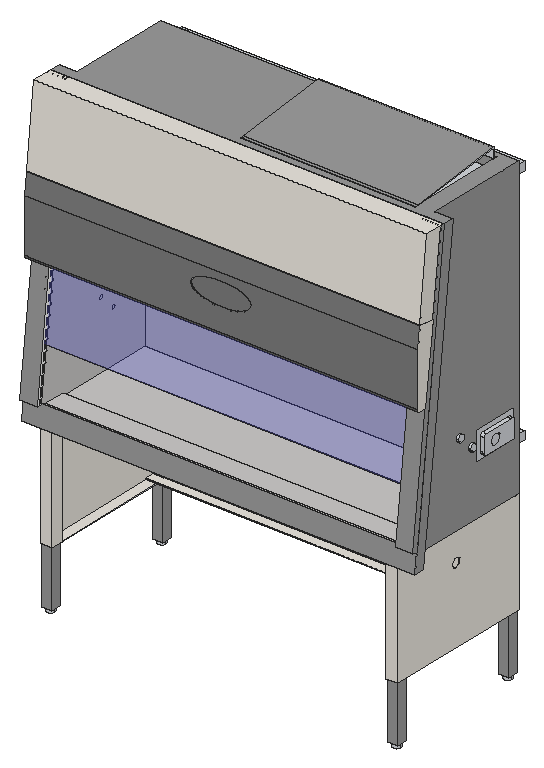
Revit family "NU-540 LabGard Class II Type A2 Laminar Flow Biosafety Cabinet with Fixed Rear Seismic Brackets-", category Mechanical Equipment, Revit 2020
Family settings
  Round Connector Dimension = Use Diameter
  Part Type = Normal
  OmniClass Number = 23.75.00.00
  OmniClass Title = Climate Control (HVAC)
  Work Plane-Based = No
  Always vertical = Yes
  Cut with Voids When Loaded = No
  Shared = No
  Room Calculation Point = No
Parameters (values of type "NU-540-600")
  window width = 5' - 11 7/8"
  crossbar = 5' - 10.1415"
  Workzone Width = 5' - 10 3/8"
  Unistrut Length = 5' - 7 9/16"
  Overall Width = 6' - 5 9/16"
  Exhaust Filter Width = 2' - 10 1/2"
  Default Elevation = 0' - 0"
  Cabinet Width = 5' - 10 9/16"
  Bracket Spacing = 5' - 3 5/16"
Types (5): name | window width | crossbar | Workzone Width | Unistrut Length | Overall Width | Exhaust Filter Width | Cabinet Width | Bracket Spacing
  (no name) | 5' - 11 7/8" | 5' - 10.1415" | 5' - 10 3/8" | 5' - 7 9/16" | 6' - 5 9/16" | 2' - 10 1/2" | 5' - 10 9/16" | 5' - 3 5/16"
  NU-540-600 | 5' - 11 7/8" | 5' - 10.1415" | 5' - 10 3/8" | 5' - 7 9/16" | 6' - 5 9/16" | 2' - 10 1/2" | 5' - 10 9/16" | 5' - 3 5/16"
  NU-540-500 | 4' - 11 7/8" | 4' - 10 9/64" | 4' - 10 3/8" | 4' - 8 11/16" | 5' - 5 9/16" | 2' - 4 1/2" | 4' - 10 9/16" | 4' - 3 5/16"
  NU-540-400 | 3' - 11 3/8" | 3' - 10 9/64" | 3' - 10 3/8" | 3' - 8 11/16" | 4' - 5 9/16" | 1' - 8 1/2" | 3' - 10 9/16" | 3' - 3 5/16"
  NU-540-300 | 2' - 11 7/8" | 2' - 10 9/64" | 2' - 10 3/8" | 2' - 8 11/16" | 3' - 5 9/16" | 1' - 0 1/2" | 2' - 10 9/16" | 2' - 3 5/16"
Reference planes (in)
  plane 1 "Center (Front/Back)": y = 0
  plane 2: z = 0
  plane 3 "Center (Left/Right)": x = 0
Dimensions and locks (in)
  locked: nested 1 to nested 2 at 6.78125
  locked: nested 2 to nested 3 at 47.625
  aligned and locked: level to plane 2
  aligned and locked: plane 3 "Center (Left/Right)" to nested 1
  aligned and locked: plane 1 "Center (Front/Back)" to nested 1
  aligned and locked: nested 1 to level
  aligned and locked: plane 3 "Center (Left/Right)" to nested 2
  aligned and locked: plane 3 "Center (Left/Right)" to nested 3
  aligned and locked: plane 1 "Center (Front/Back)" to nested 2
  aligned and locked: plane 1 "Center (Front/Back)" to nested 3
Nested families (in)
  nested 1: "NU-540 LabGard Class II Type A2 Laminar Flow Biosafety Cabinet" at (0, 0, 0), Cabinet Width <- "Cabinet Width", Exhaust Filter Width <- "Exhaust Filter Width", Overall Width <- "Overall Width", Workzone Width <- "Workzone Width", crossbar <- "crossbar", window width <- "window width", type "NU-540-600"
    with window width 5' - 11 7/8", crossbar 5' - 10.1415", Workzone Width 5' - 10 3/8", Overall Width 6' - 5 9/16", Exhaust Filter Width 2' - 10 1/2", Cabinet Width 5' - 10 9/16"
  nested 2: "Seismic Brackets Fixed Height Fixed Depth" at (0, 0, 39.28125), Bracket Spacing <- "Bracket Spacing", Unistrut Length <- "Unistrut Length", type "Brackets"
    with Unistrut Length 5' - 7 9/16", Bracket Spacing 5' - 3 5/16"
  nested 3: "Seismic Brackets Fixed Height Fixed Depth" at (0, 0, 86.90625), Bracket Spacing <- "Bracket Spacing", Unistrut Length <- "Unistrut Length", type "Brackets"
    with Unistrut Length 5' - 7 9/16", Bracket Spacing 5' - 3 5/16"
Connectors (in)
  electrical at (-36.96723, -27.54287, 34.26514)
    settings: on nested 1, index 1, voltage 115 V, apparent load 0 VA, apparent load phase1 0 VA, apparent load phase2 0 VA, apparent load phase3 0 VA, power factor 1, load classification "Power", number of poles 2, system type 31, power factor state 1, is connector primary yes, connector utility yes, sub classification motor no, connector description ""
  piping at (35.9375, -11.846, 45.958), diameter 0.875
    settings: on nested 1, index 2, connector inside diameter 24", connector length 0' - 0", flow factor 0, pipe flow 0 GPM, pressure drop 0.00 psi, fitting loss kfactor 0, connector angle 0.00°, fixture units 0, engagement length 0' - 0", angle of deflection 0.00°, flow configuration 0, flow direction 0, fitting loss method 0, system type 28, joint type 0, gender type 0, connector reference index -1, connector utility 0, adjustable connector no, is connector primary yes, connector description ""
  piping at (35.9375, -14.846, 48.954), diameter 0.875
    settings: on nested 1, index 3, connector inside diameter 24", connector length 0' - 0", flow factor 0, pipe flow 0 GPM, pressure drop 0.00 psi, fitting loss kfactor 0, connector angle 0.00°, fixture units 0, engagement length 0' - 0", angle of deflection 0.00°, flow configuration 0, flow direction 0, fitting loss method 0, system type 28, joint type 0, gender type 0, connector reference index -1, connector utility 0, adjustable connector no, is connector primary no, connector description ""
  piping at (-35.9375, -14.84766, 48.954), diameter 0.875
    settings: on nested 1, index 4, connector inside diameter 24", connector length 0' - 0", flow factor 0, pipe flow 0 GPM, pressure drop 0.00 psi, fitting loss kfactor 0, connector angle 0.00°, fixture units 0, engagement length 0' - 0", angle of deflection 0.00°, flow configuration 0, flow direction 0, fitting loss method 0, system type 28, joint type 0, gender type 0, connector reference index -1, connector utility 0, adjustable connector no, is connector primary no, connector description ""
  piping at (-35.9375, -11.846, 45.95312), diameter 0.875
    settings: on nested 1, index 5, connector inside diameter 24", connector length 0' - 0", flow factor 0, pipe flow 0 GPM, pressure drop 0.00 psi, fitting loss kfactor 0, connector angle 0.00°, fixture units 0, engagement length 0' - 0", angle of deflection 0.00°, flow configuration 0, flow direction 0, fitting loss method 0, system type 28, joint type 0, gender type 0, connector reference index -1, connector utility 0, adjustable connector no, is connector primary no, connector description ""
Definition of nested family "NU-540 LabGard Class II Type A2 Laminar Flow Biosafety Cabinet"
  Parameters (values of type "NU-540-600")
    window width [instance] = 5' - 11 7/8"
    transition width = 2' - 11 3/8"
    transition depth = 1' - 7 1/8"
    exhaust ring inner = 0' - 4 15/16"
    exhaust door width = 2' - 7 3/16"
    crossbar [instance] = 5' - 10.1415"
    Workzone Width [instance] = 5' - 10 3/8"
    Overall Width [instance] = 6' - 5 9/16"
    Model = "NU-540-600"
    Manufacturer = "NuAire Inc."
    Exhaust Filter Width [instance] = 2' - 10 1/2"
    Exhaust Diameter = 0' - 10"
    Exhaust Center = 2' - 0"
    Description = "LabGard Class II Type A2 Laminar Flow Biosafety Cabinet 115v"
    Default Elevation = 0' - 0"
    Cabinet Width [instance] = 5' - 10 9/16"
    Cabinet Height = 4' - 10 7/8"
    Cabinet Depth = 2' - 6"
  Types (4): name | window width | transition width | exhaust ring inner | exhaust door width | crossbar | Workzone Width | Overall Width | Model | Exhaust Filter Width | Exhaust Diameter | Exhaust Center | Cabinet Width
    NU-540-600 | 5' - 11 7/8" | 2' - 11 3/8" | 0' - 4 15/16" | 2' - 7 3/16" | 5' - 10.1415" | 5' - 10 3/8" | 6' - 5 9/16" | "NU-540-600" | 2' - 10 1/2" | 0' - 10" | 2' - 0" | 5' - 10 9/16"
    NU-540-500 | 4' - 11 7/8" | 2' - 5 3/8" | 0' - 4 15/16" | 2' - 7 3/16" | 4' - 10 9/64" | 4' - 10 3/8" | 5' - 5 9/16" | "NU-540-500" | 2' - 4 1/2" | 0' - 10" | 1' - 9" | 4' - 10 9/16"
    NU-540-400 | 3' - 11 3/8" | 1' - 9 3/8" | 0' - 4 15/16" | 1' - 7 3/16" | 3' - 10 9/64" | 3' - 10 3/8" | 4' - 5 9/16" | "NU-540-400" | 1' - 8 1/2" | 0' - 10" | 1' - 5" | 3' - 10 9/16"
    NU-540-300 | 2' - 11 7/8" | 1' - 1 3/8" | 0' - 3 15/16" | 1' - 1 3/16" | 2' - 10 9/64" | 2' - 10 3/8" | 3' - 5 9/16" | "NU-540-300" | 1' - 0 1/2" | 0' - 8" | 1' - 1" | 2' - 10 9/16"
  Reference planes (in)
    plane 1 "Center (Front/Back)": y = 0
    plane 2: z = 0
    plane 3 "Center (Left/Right)": x = 0
    plane 4: x = -35.28125
    plane 5: x = 35.28125
    plane 6: y = -30
    plane 7 "Cabinet Base": z = 32.5
    plane 8 "Cabinet Top": z = 91.375
    plane 9: x = -38.78125
    plane 10: x = 38.78125
    plane 11: z = 12
    plane 12: z = 36.5
    plane 13: z = 89.703
    plane 14: z = 0.75
    plane 15: z = 12.074
    plane 16: z = 12.25
    plane 17: z = 22.21875
    plane 18: x = -35.07075
    plane 19: x = 35.07075
    plane 20: x = -35.9375
    plane 21: x = 35.9375
    plane 22: z = 68.23219
    plane 23: x = 36.3125
    plane 24: x = 35.34375
    plane 25: z = 99.875
  Forms (in)
    Extrusion 1, solid
      sketch origin (0, 0, 0) x (0, 1, 0) y (0, 0, 1)
        loop
          line (0, 32.5) -> (0, 91.375) -> (-22.77106, 91.375) -> (-30, 32.5) -> (0, 32.5)
      from -38.78125 to 38.78125
    Extrusion 2, void
      sketch origin (0, 0, 0) x (0, 1, 0) y (0, 0, 1)
        loop
          line (-20.6301, 91.375) -> (-27.85904, 32.5) -> (0, 32.5) -> (0, 91.375) -> (-20.6301, 91.375)
      from -38.78125 to -35.28125
    Extrusion 3, void
      sketch origin (0, 0, 0) x (0, 1, 0) y (0, 0, 1)
        loop
          line (-20.6301, 91.375) -> (-27.85904, 32.5) -> (0, 32.5) -> (0, 91.375) -> (-20.6301, 91.375)
      from 35.28125 to 38.78125
    Extrusion 4, void
      sketch origin (0, 0, 0) x (0, 1, 0) y (0, 0, 1)
        loop
          line (-29.50886, 36.5) -> (-28.88386, 36.5) -> (-28.88386, 36.1875) -> (-24.25886, 36.1875) -> (-24.25886, 35.6875) -> (-4.18074, 35.6875) -> (-4.18074, 63.9375) -> (-26.13996, 63.9375) -> (-29.50886, 36.5)
      from -35.1875 to 35.1875
    Extrusion 5, void
      sketch origin (0, 0, 91.375) x (1, 0, 0) y (0, -1, 0)
        loop
          line (31.98425, 2.047) -> (31.98425, 20.547) -> (-2.51575, 20.547) -> (-2.51575, 2.047) -> (31.98425, 2.047)
      from 0 to 1.672
    Extrusion 6, solid
      sketch origin (0, -30, 32.5) x (1, 0, 0) y (0, -1, 0)
        loop
          line (35.28125, -30) -> (35.28125, -0.29687) -> (32.96225, -0.29687) -> (32.96225, -2.54287) -> (35.13325, -2.54287) -> (35.13325, -27.754) -> (32.96225, -27.754) -> (32.96225, -30) -> (35.28125, -30)
        loop
          line (-35.28125, -30) -> (-32.96225, -30) -> (-32.96225, -27.754) -> (-35.13325, -27.754) -> (-35.13325, -2.54287) -> (-32.96225, -2.54287) -> (-32.96225, -0.29687) -> (-35.28125, -0.29687) -> (-35.28125, -30)
      from 0 to 20.5
    Extrusion 7, solid
      sketch origin (0, -30, 12) x (0, 1, 0) y (1, 0, 0)
        loop
          line (0.42187, -35.15625) -> (2.42187, -35.15625) -> (2.42187, -33.15625) -> (0.42187, -33.15625) -> (0.42187, -35.15625)
        loop
          line (0.42362, 35.15625) -> (0.42362, 33.15625) -> (2.42362, 33.15625) -> (2.42362, 35.15625) -> (0.42362, 35.15625)
        loop
          line (29.875, 35.15625) -> (27.875, 35.15625) -> (27.875, 33.15625) -> (29.875, 33.15625) -> (29.875, 35.15625)
        loop
          line (27.875, -35.15625) -> (29.875, -35.15625) -> (29.875, -33.15625) -> (27.875, -33.15625) -> (27.875, -35.15625)
      from 0 to 11.25
    Extrusion 8, solid
      sketch origin (0, -30, 0.75) x (-1, 0, 0) y (0, 1, 0)
        loop
          circle (34.15625, 1.40689) r 0.75
        loop
          circle (-34.15625, 1.42362) r 0.75
        loop
          circle (-34.15625, 28.875) r 0.75
        loop
          circle (34.15625, 28.875) r 0.75
      from 0 to 0.75
    Extrusion 9, void
      sketch origin (0, 0, 0) x (0, 1, 0) y (0, 0, 1)
        loop
          circle (-15.375, 27) r 1
      from -35.28125 to 35.28125
    Extrusion 10, solid
      sketch origin (0, -30, 12) x (0, 1, 0) y (1, 0, 0)
        loop
          line (2.54287, 35.13325) -> (2.54287, 32.96225) -> (27.754, 32.96225) -> (27.754, 35.13325) -> (2.54287, 35.13325)
        loop
          line (27.754, -32.96225) -> (2.54287, -32.96225) -> (2.54287, -35.13325) -> (27.754, -35.13325) -> (27.754, -32.96225)
      from 0 to -0.074
    Extrusion 11, solid
      sketch origin (0, 0, 0) x (0, 1, 0) y (0, 0, 1)
        loop
          line (-4.246, 22.21875) -> (-4.246, 22.09375) -> (-2.3085, 22.09375) -> (-2.3085, 12.375) -> (-4.246, 12.375) -> (-4.246, 12.25) -> (-2.246, 12.25) -> (-2.246, 22.21875) -> (-4.246, 22.21875)
      from -35.07075 to 35.07075
    Extrusion 12, solid
      sketch origin (0, 0, 0) x (0, 1, 0) y (0, 0, 1)
        loop
          line (-29.53701, 36.27075) -> (-22.77106, 91.375) -> (-23.59218, 91.375) -> (-30.34593, 36.37008) -> (-29.53701, 36.27075)
      from 35.28125 to 38.78125
    Extrusion 13, solid
      sketch origin (-38.78125, 0, 0) x (0, -1, 0) y (0, 0, 1)
        loop
          line (22.77106, 91.375) -> (29.53701, 36.27075) -> (30.34593, 36.37008) -> (23.59218, 91.375) -> (22.77106, 91.375)
      from 0 to -3.5
    Extrusion 14, void
      sketch origin (0, 0.01127, -0.00138) x (0, 1, 0) y (0, 0, 1)
        loop
          line (-29.63061, 36.53412) -> (-22.89683, 91.37638) -> (-23.3272, 91.37638) -> (-30.05459, 36.58618) -> (-29.63061, 36.53412)
      from -35.9375 to 35.9375
    Extrusion 15, solid
      sketch origin (0, 0, 0) x (0, 1, 0) y (0, 0, 1)
        loop
          line (-28.40065, 46.4582) -> (-24.84342, 75.3651) -> (-25.02951, 75.388) -> (-28.58675, 46.48105) -> (-28.40065, 46.4582)
      from -35.9375 to 35.9375
    Extrusion 16, solid
      sketch origin (0, 0, 0) x (0, 1, 0) y (0, 0, 1)
        loop
          line (-23.59218, 91.375) -> (-22.77106, 91.375) -> (-22.77106, 91.4375) -> (-26.85891, 91.4375) -> (-28.74501, 76.07644) -> (-25.51924, 75.68036) -> (-23.59218, 91.375)
        loop
          line (-25.53447, 75.5563) -> (-28.76025, 75.95237) -> (-29.24772, 71.98219) -> (-29.24772, 61.39724)
          arc (-29.24772, 61.39724) -> (-29.10651, 61.02451) -> (-28.75378, 60.83893) r 0.5625
          line (-28.75378, 60.83893) -> (-27.36251, 60.6681) -> (-25.53447, 75.5563)
      from -38.78125 to 38.78125
    Extrusion 17, void
      sketch origin (0, -29.24772, 71.98219) x (0, 0, 1) y (1, 0, 0)
        loop
          spline (-3.71919, -5.96875) -> (-3.10786, -5.76537) -> (-2.53819, -5.16909) -> (-2.049, -4.22054) -> (-1.67363, -2.98438) -> (-1.43767, -1.54483) -> (-1.35719, 0) -> (-1.43767, 1.54483) -> (-1.67363, 2.98437) -> (-2.049, 4.22054) -> (-2.53819, 5.16909) -> (-3.10786, 5.76537) -> (-3.71919, 5.96875)
          spline (-3.71919, 5.96875) -> (-4.33052, 5.76537) -> (-4.90019, 5.16909) -> (-5.38937, 4.22054) -> (-5.76474, 2.98437) -> (-6.0007, 1.54483) -> (-6.08119, 0) -> (-6.0007, -1.54483) -> (-5.76474, -2.98438) -> (-5.38937, -4.22054) -> (-4.90019, -5.16909) -> (-4.33052, -5.76537) -> (-3.71919, -5.96875)
      from 0 to 0.07687
    Extrusion 18, void
      sketch origin (0, 0, 0) x (0, 1, 0) y (0, 0, 1)
        loop
          circle (-11.846, 45.958) r 0.5
        loop
          circle (-14.842, 48.958) r 0.5
      from -35.28125 to 35.28125
    Extrusion 19, solid
      sketch origin (-0.214, 0, 0) x (0, 1, 0) y (0, 0, 1)
        loop
          arc (-10.1875, 48.25) -> (-10.36428, 48.17678) -> (-10.4375, 48) r 0.25
          line (-10.4375, 48) -> (-10.4375, 43)
          arc (-10.4375, 43) -> (-10.36428, 42.82322) -> (-10.1875, 42.75) r 0.25
          line (-10.1875, 42.75) -> (-1.6875, 42.75)
          arc (-1.6875, 42.75) -> (-1.51072, 42.82322) -> (-1.4375, 43) r 0.25
          line (-1.4375, 43) -> (-1.4375, 48)
          arc (-1.4375, 48) -> (-1.51072, 48.17678) -> (-1.6875, 48.25) r 0.25
          line (-1.6875, 48.25) -> (-10.1875, 48.25)
        loop
          arc (-9.0625, 47.375) -> (-9.41605, 47.22855) -> (-9.5625, 46.875) r 0.5
          line (-9.5625, 46.875) -> (-9.5625, 44.125)
          arc (-9.5625, 44.125) -> (-9.41605, 43.77145) -> (-9.0625, 43.625) r 0.5
          line (-9.0625, 43.625) -> (-2.8125, 43.625)
          arc (-2.8125, 43.625) -> (-2.45895, 43.77145) -> (-2.3125, 44.125) r 0.5
          line (-2.3125, 44.125) -> (-2.3125, 46.875)
          arc (-2.3125, 46.875) -> (-2.45895, 47.22855) -> (-2.8125, 47.375) r 0.5
          line (-2.8125, 47.375) -> (-9.0625, 47.375)
      from 35.49525 to 35.55775
    Extrusion 20, solid
      sketch origin (35.28125, 0, 0) x (0, 1, 0) y (0, 0, 1)
        loop
          arc (-9.0625, 47.375) -> (-9.41605, 47.22855) -> (-9.5625, 46.875) r 0.5
          line (-9.5625, 46.875) -> (-9.5625, 44.125)
          arc (-9.5625, 44.125) -> (-9.41605, 43.77145) -> (-9.0625, 43.625) r 0.5
          line (-9.0625, 43.625) -> (-2.8125, 43.625)
          arc (-2.8125, 43.625) -> (-2.45895, 43.77145) -> (-2.3125, 44.125) r 0.5
          line (-2.3125, 44.125) -> (-2.3125, 46.875)
          arc (-2.3125, 46.875) -> (-2.45895, 47.22855) -> (-2.8125, 47.375) r 0.5
          line (-2.8125, 47.375) -> (-9.0625, 47.375)
      from 0 to 1.03125
    Extrusion 21, void
      sketch origin (0, 0, 0) x (0, 1, 0) y (0, 0, 1)
        loop
          circle (-6.9375, 45.5) r 1.12448
      from 36.20767 to 36.3125
    Extrusion 22, solid
      sketch origin (0, -20.6301, 91.375) x (0, -0.121869, -0.992546) y (-1, 0, 0)
        loop
          circle (57.52663, 36.96723) r 0.5
      from 0 to 0.0987
    Extrusion 23, solid
      sketch origin (0, 0, 0) x (0, 1, 0) y (0, 0, 1)
        loop
          circle (-11.846, 45.958) r 0.625
        loop
          circle (-14.846, 48.954) r 0.625
      from 35.28125 to 35.9375
    Extrusion 24, solid
      sketch origin (-35.28125, 0, 0) x (0, -1, 0) y (0, 0, 1)
        loop
          circle (14.84766, 48.954) r 0.625
        loop
          circle (11.846, 45.95312) r 0.625
      from 0 to 0.65625
    Extrusion 25, solid
      sketch origin (-2.51575, -20.547, 91.375) x (0, 1, 0) y (0, 0, 1)
        loop
          line (18.5, 0) -> (19.25, 0) -> (19.25, 0.05) -> (18.55, 0.05) -> (18.55, 2.05541) -> (0, 0.05) -> (-0.75, 0.05) -> (-0.75, 0) -> (0, 0) -> (18.5, 2) -> (18.5, 0)
      from 0 to 34.5
  Cuts and joins
    Extrusion 2, Extrusion 3, Extrusion 4, Extrusion 5, Extrusion 17, Extrusion 18 cuts Extrusion 1
    Extrusion 9 cuts Extrusion 6
    Extrusion 14, Extrusion 18 cuts Extrusion 13
    Extrusion 14 cuts Extrusion 12
    Extrusion 17 cuts Extrusion 15
    Extrusion 17 cuts Extrusion 16
    Extrusion 21 cuts Extrusion 20
    joined: Extrusion 19, Extrusion 20
  Dimensions and locks (in)
    equal spacing: plane 4, plane 3 "Center (Left/Right)", plane 5
    "Cabinet Width": plane 4 to plane 5
    "Cabinet Depth": plane 1 "Center (Front/Back)" to plane 6
    "Cabinet Height": plane 8 "Cabinet Top" to plane 7 "Cabinet Base"
    equal spacing: plane 10, plane 3 "Center (Left/Right)", plane 9
    "Overall Width": plane 10 to plane 9
    plane 7 "Cabinet Base" to Extrusion 1 = 4' - 10 7/8"
    locked: Extrusion 2 sketch curve to Extrusion 1 at 2.125
    Extrusion 2 to plane 7 "Cabinet Base" = 4' - 10 7/8"
    locked: cut or joined group of Extrusion 1, Extrusion 2, Extrusion 3, Extrusion 4, Extrusion 5, Extrusion 17, Extrusion 18 to Extrusion 3 sketch curve at 2.125
    Extrusion 3 to plane 7 "Cabinet Base" = 4' - 10 7/8"
    plane 7 "Cabinet Base" to level = 2' - 8 1/2"
    equal spacing: cut or joined group of Extrusion 1, Extrusion 2, Extrusion 3, Extrusion 4, Extrusion 5, Extrusion 17, Extrusion 18, plane 3 "Center (Left/Right)", cut or joined group of Extrusion 1, Extrusion 2, Extrusion 3, Extrusion 4, Extrusion 5, Extrusion 17, Extrusion 18
    "Workzone Width": cut or joined group of Extrusion 1, Extrusion 2, Extrusion 3, Extrusion 4, Extrusion 5, Extrusion 17, Extrusion 18 to cut or joined group of Extrusion 1, Extrusion 2, Extrusion 3, Extrusion 4, Extrusion 5, Extrusion 17, Extrusion 18
    locked: Extrusion 5 sketch curve to plane 5 at 3.297
    "Exhaust Filter Width": Extrusion 5 sketch curve to Extrusion 5 sketch curve
    locked: Extrusion 5 sketch curve to plane 1 "Center (Front/Back)" at 2.047
    Extrusion 5 sketch curve to Extrusion 5 sketch curve = 1' - 6 1/2"
    locked: Extrusion 6 to Extrusion 7 sketch curve at 0.125
    locked: Extrusion 7 sketch curve to Extrusion 6 at 0.125  (x4)
    Extrusion 7 sketch curve to Extrusion 7 sketch curve = 0' - 2"  (x8)
    Extrusion 6 to Extrusion 7 sketch curve = 0' - 0 1/8"  (x2)
    Extrusion 6 to Extrusion 7 sketch curve = 0' - 0.12674"
    Extrusion 8 sketch curve to Extrusion 7 = 0' - 1"  (x2)
    Extrusion 7 to Extrusion 8 sketch curve = 0' - 0.98502"
    Extrusion 7 to Extrusion 8 sketch curve = 0' - 1"  (x5)
    Extrusion 6 to Extrusion 9 sketch curve = 0' - 5 1/2"
    Extrusion 6 to Extrusion 9 sketch curve = 1' - 3 3/8"
    equal spacing: plane 19, plane 3 "Center (Left/Right)", plane 18
    "crossbar": plane 19 to plane 18
    cut or joined group of Extrusion 1, Extrusion 2, Extrusion 3, Extrusion 4, Extrusion 5, Extrusion 17, Extrusion 18 to Extrusion 12 sketch curve = 0' - 0.815"
    Extrusion 13 to Extrusion 14 sketch curve = 0' - 0.11365"
    Extrusion 14 sketch curve to Extrusion 14 sketch curve = 0' - 0.42716"
    Extrusion 13 to Extrusion 14 sketch curve = 0' - 0 1/4"
    equal spacing: plane 21, plane 3 "Center (Left/Right)", plane 20
    "window width": plane 21 to plane 20
    cut or joined group of Extrusion 13, Extrusion 14, Extrusion 18 to Extrusion 15 sketch curve to Extrusion 15 sketch curve = 0' - 10", 2' - 5 1/8" locked
    equal spacing: Extrusion 15, plane 3 "Center (Left/Right)", Extrusion 15
    "window width": Extrusion 15 to Extrusion 15
    locked: Extrusion 16 sketch curve to Extrusion 16 sketch curve at 15
    locked: Extrusion 16 sketch curve to Extrusion 16 sketch curve at 4
    Extrusion 16 sketch curve to Extrusion 16 sketch curve = 2' - 6 15/16"
    equal spacing: Extrusion 16, plane 3 "Center (Left/Right)", Extrusion 16
    "Overall Width": Extrusion 16 to Extrusion 16
    equal spacing: plane 10, Extrusion 17 sketch curve, plane 9
    Extrusion 18 sketch curve to cut or joined group of Extrusion 1, Extrusion 2, Extrusion 3, Extrusion 4, Extrusion 5, Extrusion 17, Extrusion 18 = 1' - 2.842"
    Extrusion 18 sketch curve to cut or joined group of Extrusion 6, Extrusion 9 = 1' - 1.458"
    Extrusion 18 sketch curve to cut or joined group of Extrusion 6, Extrusion 9 = 1' - 4.458"
    Extrusion 19 sketch curve to cut or joined group of Extrusion 1, Extrusion 2, Extrusion 3, Extrusion 4, Extrusion 5, Extrusion 17, Extrusion 18 = 0' - 1 7/16"
    Extrusion 19 sketch curve to Extrusion 19 sketch curve = 0' - 9"
    Extrusion 19 sketch curve to cut or joined group of Extrusion 6, Extrusion 9 = 0' - 10 1/4"
    Extrusion 19 sketch curve to Extrusion 19 sketch curve = 0' - 5 1/2"
    Extrusion 19 sketch curve to Extrusion 19 sketch curve = 0' - 3 3/4"
    Extrusion 19 sketch curve to Extrusion 19 sketch curve = 0' - 7 1/4"
    Extrusion 19 sketch curve to Extrusion 19 sketch curve = 0' - 0 7/8"
    plane 10 to plane 23 to cut or joined group of Extrusion 1, Extrusion 2, Extrusion 3, Extrusion 4, Extrusion 5, Extrusion 17, Extrusion 18 = 0' - 2 15/32" locked, 0' - 1 1/32" locked
    Extrusion 21 sketch curve to cut or joined group of Extrusion 6, Extrusion 9 = 1' - 1"
    Extrusion 21 sketch curve to cut or joined group of Extrusion 1, Extrusion 2, Extrusion 3, Extrusion 4, Extrusion 5, Extrusion 17, Extrusion 18 = 0' - 6 15/16"
    plane 23 to plane 24 to cut or joined group of Extrusion 19, Extrusion 20, Extrusion 21 = 0' - 0 31/32" locked, 0' - 0 1/16" locked
    locked: cut or joined group of Extrusion 19, Extrusion 20, Extrusion 21 to cut or joined group of Extrusion 19, Extrusion 20, Extrusion 21 at 0.10483
    locked: cut or joined group of Extrusion 1, Extrusion 2, Extrusion 3, Extrusion 4, Extrusion 5, Extrusion 17, Extrusion 18 to plane 23 at 1.03125
    Extrusion 22 sketch curve to cut or joined group of Extrusion 1, Extrusion 2, Extrusion 3, Extrusion 4, Extrusion 5, Extrusion 17, Extrusion 18 = 0' - 1.79051"
    cut or joined group of Extrusion 1, Extrusion 2, Extrusion 3, Extrusion 4, Extrusion 5, Extrusion 17, Extrusion 18 to Extrusion 22 sketch curve = 0' - 1.81402"
    Extrusion 18 sketch curve to cut or joined group of Extrusion 1, Extrusion 2, Extrusion 3, Extrusion 4, Extrusion 5, Extrusion 17, Extrusion 18 = 0' - 11.846"
    Extrusion 23 sketch curve to cut or joined group of Extrusion 6, Extrusion 9 = 1' - 1.458"
    Extrusion 23 sketch curve to cut or joined group of Extrusion 6, Extrusion 9 = 1' - 4.454"
    Extrusion 23 sketch curve to cut or joined group of Extrusion 1, Extrusion 2, Extrusion 3, Extrusion 4, Extrusion 5, Extrusion 17, Extrusion 18 = 0' - 11.846"
    Extrusion 23 sketch curve to cut or joined group of Extrusion 1, Extrusion 2, Extrusion 3, Extrusion 4, Extrusion 5, Extrusion 17, Extrusion 18 = 1' - 2.846"
    Extrusion 24 sketch curve to cut or joined group of Extrusion 6, Extrusion 9 = 1' - 1 29/64"
    Extrusion 24 sketch curve to cut or joined group of Extrusion 6, Extrusion 9 = 1' - 4.454"
    cut or joined group of Extrusion 1, Extrusion 2, Extrusion 3, Extrusion 4, Extrusion 5, Extrusion 17, Extrusion 18 to Extrusion 24 sketch curve = 0' - 11.846"
    cut or joined group of Extrusion 1, Extrusion 2, Extrusion 3, Extrusion 4, Extrusion 5, Extrusion 17, Extrusion 18 to Extrusion 24 sketch curve = 1' - 2 217/256"
    locked: plane 6 to Extrusion 1 sketch curve (angle 7.00°)
    aligned and locked: level to plane 2
    aligned and locked: plane 1 "Center (Front/Back)" to Extrusion 1 sketch curve
    aligned and locked: plane 8 "Cabinet Top" to Extrusion 1 sketch curve
    aligned and locked: plane 7 "Cabinet Base" to Extrusion 1 sketch curve
    aligned and locked: Extrusion 1 to plane 9
    aligned and locked: Extrusion 1 to plane 10
    aligned and locked: Extrusion 2 sketch curve to Extrusion 1  (x3)
    aligned and locked: Extrusion 2 to plane 9
    aligned and locked: plane 4 to Extrusion 2
    aligned and locked: cut or joined group of Extrusion 1, Extrusion 2, Extrusion 3, Extrusion 4, Extrusion 5, Extrusion 17, Extrusion 18 to Extrusion 3 sketch curve  (x2)
    aligned and locked: Extrusion 3 sketch curve to cut or joined group of Extrusion 1, Extrusion 2, Extrusion 3, Extrusion 4, Extrusion 5, Extrusion 17, Extrusion 18
    aligned and locked: Extrusion 3 to plane 10
    aligned and locked: Extrusion 3 to plane 5
    aligned and locked: Extrusion 5 to plane 13
    aligned and locked: Extrusion 6 to plane 11
    aligned and locked: Extrusion 6 to plane 7 "Cabinet Base"
    aligned and locked: plane 14 to Extrusion 7
    aligned and locked: Extrusion 8 to level
    aligned and locked: plane 5 to Extrusion 9
    aligned and locked: Extrusion 9 to plane 4
    aligned and locked: Extrusion 10 sketch curve to cut or joined group of Extrusion 6, Extrusion 9  (x8)
    aligned and locked: plane 15 to Extrusion 10
    aligned and locked: Extrusion 11 to plane 18
    aligned and locked: plane 19 to Extrusion 11
    aligned and locked: plane 8 "Cabinet Top" to Extrusion 12 sketch curve
    aligned and locked: Extrusion 12 to plane 10
    aligned and locked: Extrusion 12 to plane 5
    aligned and locked: plane 8 "Cabinet Top" to Extrusion 13 sketch curve
    aligned and locked: cut or joined group of Extrusion 1, Extrusion 2, Extrusion 3, Extrusion 4, Extrusion 5, Extrusion 17, Extrusion 18 to Extrusion 13 sketch curve
    aligned and locked: Extrusion 13 sketch curve to Extrusion 12  (x2)
    aligned and locked: plane 4 to Extrusion 13
    aligned and locked: Extrusion 14 to plane 20
    aligned and locked: Extrusion 14 to plane 21
    aligned and locked: Extrusion 14 to plane 8 "Cabinet Top"
    aligned and locked: plane 5 to Extrusion 18
    aligned and locked: Extrusion 18 to plane 4
    aligned and locked: Extrusion 19 to plane 5
    aligned and locked: Extrusion 19 to Extrusion 20 sketch curve  (x4)
    aligned and locked: Extrusion 20 to plane 23
    aligned and locked: Extrusion 21 to plane 23
    aligned and locked: Extrusion 20 to plane 5
    aligned and locked: Extrusion 19 to plane 24
    aligned and locked: Extrusion 23 to plane 5
    aligned and locked: Extrusion 24 to plane 20
    aligned and locked: plane 21 to Extrusion 23
    aligned and locked: cut or joined group of Extrusion 1, Extrusion 2, Extrusion 3, Extrusion 4, Extrusion 5, Extrusion 17, Extrusion 18 to Extrusion 25
    aligned and locked: Extrusion 25 to cut or joined group of Extrusion 1, Extrusion 2, Extrusion 3, Extrusion 4, Extrusion 5, Extrusion 17, Extrusion 18
  Automatic sketch dimensions
    Extrusion 1 sketch curve to plane 6 = 0' - 0"
    plane 12 to Extrusion 4 sketch curve = 0' - 0"
    plane 6 to Extrusion 4 sketch curve = 0' - 0.49114"
    plane 12 to Extrusion 4 sketch curve = 0' - 0 5/16"
    Extrusion 4 sketch curve to Extrusion 4 sketch curve = 0' - 0 5/8"
    plane 6 to Extrusion 4 sketch curve = 0' - 3.86004"
    plane 12 to Extrusion 4 sketch curve = 0' - 0 13/16"
    Extrusion 4 sketch curve to Extrusion 4 sketch curve = 0' - 4 5/8"
    plane 1 "Center (Front/Back)" to Extrusion 4 sketch curve = 0' - 4.18074"
    Extrusion 4 sketch curve to plane 13 = 2' - 1.7655"
    Extrusion 1 to Extrusion 6 sketch curve = 0' - 0"  (x2)
    Extrusion 6 sketch curve to Extrusion 1 = 0' - 3 1/2"
    Extrusion 6 sketch curve to Extrusion 6 sketch curve = 0' - 0.148"  (x2)
    Extrusion 6 sketch curve to Extrusion 6 sketch curve = 0' - 2.171"  (x3)
    Extrusion 1 to Extrusion 6 sketch curve = 0' - 2.246"  (x2)
    Extrusion 6 sketch curve to Extrusion 1 = 0' - 5.819"  (x2)
    Extrusion 6 sketch curve to Extrusion 1 = 0' - 0 19/64"  (x2)
    Extrusion 6 sketch curve to Extrusion 6 sketch curve = 0' - 2.246"  (x2)
    Extrusion 11 sketch curve to plane 17 = 0' - 0"
    Extrusion 11 sketch curve to plane 16 = 0' - 0"
    plane 1 "Center (Front/Back)" to Extrusion 11 sketch curve = 0' - 4.246"  (x2)
    plane 16 to Extrusion 11 sketch curve = 0' - 0 1/8"
    Extrusion 11 sketch curve to Extrusion 11 sketch curve = 0' - 1 15/16"
    Extrusion 11 sketch curve to Extrusion 11 sketch curve = 0' - 0 1/16"
    Extrusion 11 sketch curve to Extrusion 11 sketch curve = 0' - 0 1/8"
    plane 6 to Extrusion 12 sketch curve = 0' - 0.46299"
    Extrusion 12 sketch curve to plane 6 = 0' - 0.34593"
    plane 8 "Cabinet Top" to Extrusion 14 sketch curve = 0' - 0"
    Extrusion 15 sketch curve to Extrusion 15 sketch curve = 0' - 0.1861"
    plane 6 to Extrusion 15 sketch curve = 0' - 1.41325"
    plane 6 to Extrusion 15 sketch curve = 0' - 4.97049"
    level to Extrusion 15 sketch curve = 6' - 3.3651"
    plane 8 "Cabinet Top" to Extrusion 16 sketch curve = 0' - 0"
    Extrusion 16 sketch curve to Extrusion 16 sketch curve = 0' - 0.01523"  (x2)
    Extrusion 16 sketch curve to Extrusion 16 sketch curve = 0' - 1.39126"
    Extrusion 16 sketch curve to plane 8 "Cabinet Top" = 0' - 0 1/16"
    Extrusion 16 sketch curve to Extrusion 16 sketch curve = 0' - 0.82112"
    Extrusion 16 sketch curve to Extrusion 16 sketch curve = 0' - 0.12407"
    plane 6 to Extrusion 16 sketch curve = 0' - 0.75228"
    plane 6 to Extrusion 16 sketch curve = 0' - 1.23975"
    Extrusion 16 sketch curve to Extrusion 16 sketch curve = 0' - 0.49395"
    plane 6 to Extrusion 16 sketch curve = 0' - 3.14109"
    Extrusion 17 sketch curve to Extrusion 16 = 0' - 3.71919"
    Extrusion 17 sketch curve to Extrusion 17 sketch curve = 0' - 5 31/32"
    Extrusion 19 sketch curve to Extrusion 19 sketch curve = 0' - 0 1/4"  (x4)
    Extrusion 19 sketch curve to Extrusion 19 sketch curve = 0' - 0 5/8"
    Extrusion 19 sketch curve to Extrusion 19 sketch curve = 0' - 0 1/2"  (x4)
    Extrusion 20 sketch curve to Extrusion 20 sketch curve = 0' - 0 1/2"  (x4)
    Extrusion 25 sketch curve to Extrusion 5 = 0' - 0"  (x4)
    Extrusion 5 to Extrusion 25 sketch curve = 0' - 0"
    Extrusion 25 sketch curve to Extrusion 5 = 0' - 0 3/4"
    Extrusion 25 sketch curve to Extrusion 5 = 0' - 0.05"  (x2)
    Extrusion 5 to Extrusion 25 sketch curve = 0' - 0 3/4"
    Extrusion 25 sketch curve to Extrusion 25 sketch curve = 0' - 1.95"
    Extrusion 5 to Extrusion 25 sketch curve = 0' - 0.05"
    Extrusion 25 sketch curve to Extrusion 25 sketch curve = 0' - 0.05541"
    radius of Extrusion 8 sketch curve = 0' - 0 3/4"  (x4)
    radius of Extrusion 9 sketch curve = 0' - 1"
    radius of Extrusion 18 sketch curve = 0' - 0 1/2"  (x2)
    radius of Extrusion 21 sketch curve = 0' - 1.12448"
    radius of Extrusion 22 sketch curve = 0' - 0 1/2"
    radius of Extrusion 23 sketch curve = 0' - 0 5/8"  (x2)
    radius of Extrusion 24 sketch curve = 0' - 0 5/8"  (x2)
  Connectors (in)
    piping at (35.9375, -11.846, 45.958), diameter 0.875
      settings: on Extrusion 23, index 2, connector inside diameter 24", connector length 0' - 0", flow factor 0, pipe flow 0 GPM, pressure drop 0.00 psi, fitting loss kfactor 0, connector angle 0.00°, fixture units 0, engagement length 0' - 0", angle of deflection 0.00°, flow configuration 0, flow direction 1, fitting loss method 0, system type 28, joint type 0, gender type 0, connector reference index -1, connector utility 0, adjustable connector no, is connector primary yes, connector description ""
    piping at (35.9375, -14.846, 48.954), diameter 0.875
      settings: on Extrusion 23, index 3, connector inside diameter 24", connector length 0' - 0", flow factor 0, pipe flow 0 GPM, pressure drop 0.00 psi, fitting loss kfactor 0, connector angle 0.00°, fixture units 0, engagement length 0' - 0", angle of deflection 0.00°, flow configuration 0, flow direction 0, fitting loss method 0, system type 28, joint type 0, gender type 0, connector reference index -1, connector utility 0, adjustable connector no, is connector primary no, connector description ""
    electrical at (-36.96723, -27.54287, 34.26514)
      settings: on Extrusion 22, index 4, voltage 115 V, apparent load 0 VA, apparent load phase1 0 VA, apparent load phase2 0 VA, apparent load phase3 0 VA, power factor 1, load classification none, number of poles 2, system type 31, power factor state 1, is connector primary yes, connector utility yes, sub classification motor no, connector description ""
Definition of nested family "Seismic Brackets Fixed Height Fixed Depth"
  Parameters (values of type "Brackets")
    Unistrut Length [instance] = 3' - 8 11/16"
    Default Elevation = 0' - 0"
    Bracket Spacing [instance] = 3' - 3 5/16"
  Reference planes (in)
    plane 1 "Center (Front/Back)": y = 0
    plane 2: z = 0
    plane 3 "Center (Left/Right)": x = 0
  Forms (in)
    Extrusion 1, solid
      sketch origin (0, 0, 0.16586) x (1, 0, 0) y (0, 0, 1)
        loop
          line (-21.65625, -0.16586) -> (-19.65625, -0.16586) -> (-19.65625, 2.83414) -> (-21.65625, 2.83414) -> (-21.65625, -0.16586)
        loop
          line (19.65625, 2.83414) -> (19.65625, -0.16586) -> (21.65625, -0.16586) -> (21.65625, 2.83414) -> (19.65625, 2.83414)
      from 0 to -2
    Extrusion 2, solid
      sketch origin (0, 0, 0) x (1, 0, 0) y (0, 0, 1)
        loop
          line (-22.34375, 2.3125) -> (-22.34375, 0.6875) -> (22.34375, 0.6875) -> (22.34375, 2.3125) -> (-22.34375, 2.3125)
      from -2 to -3.375
  Dimensions and locks (in)
    locked: Extrusion 1 sketch curve to Extrusion 1 sketch curve at 3
    locked: Extrusion 1 sketch curve to Extrusion 1 sketch curve at 2  (x2)
    equal spacing: Extrusion 1 sketch curve, plane 3 "Center (Left/Right)", Extrusion 1 sketch curve
    "Bracket Spacing": Extrusion 1 sketch curve to Extrusion 1 sketch curve
    locked: level to Extrusion 1 at 3
    locked: Extrusion 1 to Extrusion 2 sketch curve at 0.6875
    locked: Extrusion 2 sketch curve to level at 0.6875
    equal spacing: Extrusion 2 sketch curve, plane 3 "Center (Left/Right)", Extrusion 2 sketch curve
    "Unistrut Length": Extrusion 2 sketch curve to Extrusion 2 sketch curve
    aligned and locked: level to plane 2
    aligned and locked: Extrusion 1 sketch curve to Extrusion 1 sketch curve
    aligned and locked: Extrusion 1 to level
  Automatic sketch dimensions
    level to Extrusion 1 sketch curve = 0' - 0"  (x2)
